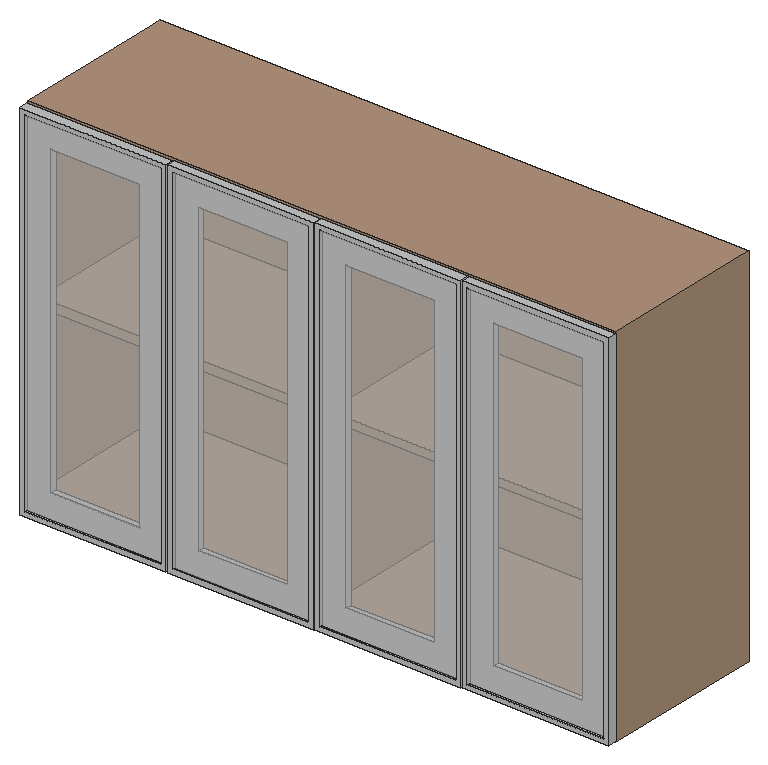
Revit family "Wall_Cabinets-Teknion-RHWSDG_Standard_Wall_Cabinet_with_Glass_Doors-R2018", category Furniture, Revit 2018
Family settings
  OmniClass Number = 23.40.20.00
  OmniClass Title = General Furniture and Specialties
  Work Plane-Based = No
  Always vertical = Yes
  Cut with Voids When Loaded = No
  Shared = Yes
  Room Calculation Point = No
Parameters (values of type "15" Depth")
  Width [instance] = 48.000"
  Warranty = "http://www.teknion.com/ca/papers/legal-canada"
  Unit Weight URL = "http://www.teknion.com/ca/tools/assets#&asset=bee6a381-b954-425e-8283-5a2de3a804f2,f828d448-4b62-4231-9e5f-9a8991c0ed77"
  URL = "www.teknion.com"
  Two Shelf One Divider [instance] = and(Two Shelf, Divider)  # no
  Two Shelf No Divider [instance] = and(Two Shelf, not(Divider))  # no
  Two Shelf [instance] = Height = 36.000"  # no
  Two Doors [instance] = or(Width = 24.000", Width = 27.000", Width = 30.000", Width = 33.000", Width = 36.000", Width = 42.000")  # no
  Top Height [instance] = if(Height = 36.000", 90.000", 84.000")  # 84.000"
  To render please download texture images found here [instance] = "https://assets.teknion.com/web/5e81352c1dfdb467/revit-material-swatches/"
  Sustainability Data = "https://www.teknion.com/ca/tools/assets#&topic=216f99a5-57a0-44fc-b10a-9dee9b29ae4c&asset=444deb64-fe58-4b68-981e-f75e97781df7,b4ff2d81-9f2e-437d-9659-7cffb09c31cf"
  Shelf and no Divider [instance] = and(Shelf, not(Divider))  # no
  Shelf and Divider [instance] = and(Shelf, Divider)  # no
  Shelf [instance] = not(or(One Shelf, Two Shelf))  # no
  Series = "Modular Cabinets"  # constant formula
  Quad Door Swing Arc Radius [instance] = 12.000"  # constant formula
  Product Page URL = "https://www.teknion.com/ca/products/product-details?productLineId=217e336e-8e7a-673b-a6c8-ff00004460c4"
  Product Line = "Modular Cabinets"  # constant formula
  Product Documentation Link = "https://www.teknion.com/pricing/modular-cabinets/pdfs/RHWSDG_ppg.pdf"
  Part Number = "RHWSDG"  # constant formula
  One Shelf One Divider [instance] = and(One Shelf, Divider)  # yes
  One Shelf No Divider [instance] = and(One Shelf, not(Divider))  # no
  One Shelf [instance] = or(Height = 24.000", Height = 30.000")  # yes
  One Door [instance] = or(Width = 12.000", Width = 15.000", Width = 18.000", Width = 21.000")  # no
  Model = "RHWSDG15_____"
  Manufacturer Phone = "416-661-3370"  # constant formula
  Manufacturer Fax = "416.661.4586"  # constant formula
  Manufacturer Contact Information = "http://www.teknion.com/ca/contactus"
  Manufacturer Address = "1150 Flint Road, Toronto, ON. M3J 2J5. Canada"  # constant formula
  Manufacturer = "Teknion"  # constant formula
  How To Use Teknion Materials User Guide [instance] = "https://assets.teknion.com/m/205dd0a49fa58060/original/How-to-add-a-Material-Library-and-Texture-Images-to-your-Revit-project.pdf"
  Height [instance] = 30.000"
  Glass Finish [instance] = Glass - Teknion - FT - Frosted Glass
  Frame Finish [instance] = Paint - Teknion - Mica - Platinum
  Four Doors [instance] = Width = 48.000"  # yes
  For Additional Finishes please visit [instance] = "https://assets.teknion.com/m/44a8009b046e5d47/original/Teknion_Materials_Library.zip"
  Double Door Swing Arc Radius [instance] = Width / 2  # 24.000"
  Divider [instance] = or(Width = 42.000", Width = 48.000")  # yes
  Description = "Standard Wall Cabinet with Glass Door, 15\" Depth"
  Depth = 15.000"
  Case Finish [instance] = Source Laminate - Teknion - 3M - Provincial Oak
  Available Widths [instance] = "12, 15, 18, 21, 24, 27, 30, 33, 36, 42, and 48 Inches"  # constant formula
  Available Heights [instance] = if(Width = 42.000", "30, or 36 Inches.", if(Width = 48.000", "30 Inches.", "15, 24, 30, and 36 Inches"))  # "30 Inches."
  Assembly Code = "E2020200"
Types (3): name | Width | Shelf and no Divider | Shelf | One Shelf One Divider | One Shelf | One Door | Model | Height | Four Doors | Double Door Swing Arc Radius | Divider | Description | Depth | Available Heights
  (no name) | 48.000" | no | no | yes | yes | no | "RHWSDG15_____" | 30.000" | yes | 24.000" | yes | "Standard Wall Cabinet with Glass Door, 15\" Depth" | 15.000" | "30 Inches."
  12" Depth | 12.000" | yes | yes | no | no | yes | "RHWSDG12_____" | 15.000" | no | 6.000" | no | "Standard Wall Cabinet with Glass Door, 12\" Depth" | 12.000" | "15, 24, 30, and 36 Inches"
  15" Depth | 48.000" | no | no | yes | yes | no | "RHWSDG15_____" | 30.000" | yes | 24.000" | yes | "Standard Wall Cabinet with Glass Door, 15\" Depth" | 15.000" | "30 Inches."
Reference planes (in)
  plane 1 "Center Front/Back": y = 0
  plane 2: z = 0
  plane 3 "Center Left/Right": x = 0
  plane 4 "Left": x = -24
  plane 5 "Right": x = 24
  plane 6 "Back": y = 7.5
  plane 7 "Front": y = -7.5
  plane 8 "Top": z = 84
  plane 9: y = -5.97244
  plane 10: z = 54
  plane 11: x = -12
  plane 12: x = 12
  plane 13: z = 55.70079
  plane 14: z = 69.85039
  plane 15: z = 74.56693
  plane 16: z = 65.13386
Forms (in)
  Sweep 1, solid, material "Source Laminate - Teknion - 3M - Provincial Oak" <- "Case Finish"
    path origin (0, 0, 0) x (1, 0, 0) y (0, 1, 0)
      loop
        line (0, -5.97244) -> (0, 7.5)
    profile origin (0, 0.76378, 0) x (-1, 0, 0) y (0, 0, 1)
      loop
        line (24, 84) -> (-24, 84) -> (-24, 54) -> (24, 54) -> (24, 84)
      loop
        line (23.29921, 83.29921) -> (-23.29921, 83.29921) -> (-23.29921, 55.70079) -> (23.29921, 55.70079) -> (23.29921, 83.29921)
  Sweep 2, void
    path origin (0, 0, 0) x (1, 0, 0) y (0, 0, 1)
      loop
        line (0, 54) -> (0, 54.96457)
    profile origin (0, 0, 54.48228) x (-1, 0, 0) y (0, -1, 0)
      loop
        line (23.29921, 1.97244) -> (-23.29921, 1.97244) -> (-23.29921, -6.799) -> (23.29921, -6.799) -> (23.29921, 1.97244)
  Sweep 3, solid, material "Source Laminate - Teknion - 3M - Provincial Oak" <- "Case Finish"
    path origin (0, 0, 0) x (1, 0, 0) y (0, 1, 0)
      loop
        line (0, 6.799) -> (0, 7.5)
    profile origin (0, 7.1495, 0) x (-1, 0, 0) y (0, 0, 1)
      loop
        line (24, 84) -> (-24, 84) -> (-24, 54) -> (24, 54) -> (24, 84)
  Sweep 4, solid, material "Source Laminate - Teknion - 3M - Provincial Oak" <- "Case Finish", visible <- "Divider"
    path origin (0, 0, 0) x (1, 0, 0) y (0, 1, 0)
      loop
        line (0, -5.97244) -> (0, 6.799)
    profile origin (0, 0.41328, 0) x (-1, 0, 0) y (0, 0, 1)
      loop
        line (0.35039, 83.29921) -> (-0.35039, 83.29921) -> (-0.35039, 55.70079) -> (0.35039, 55.70079) -> (0.35039, 83.29921)
  Sweep 5, solid, material "Source Laminate - Teknion - 3M - Provincial Oak" <- "Case Finish", visible <- "One Shelf No Divider"
    path origin (0, 0, 0) x (1, 0, 0) y (0, 1, 0)
      loop
        line (0, -5.73622) -> (0, 6.799)
    profile origin (0, 0.53139, 0) x (-1, 0, 0) y (0, 0, 1)
      loop
        line (23.29921, 69.14961) -> (23.29921, 69.85039) -> (-23.29921, 69.85039) -> (-23.29921, 69.14961) -> (23.29921, 69.14961)
  Sweep 6, solid, material "Source Laminate - Teknion - 3M - Provincial Oak" <- "Case Finish", visible <- "One Shelf One Divider"
    path origin (0, 0, 0) x (1, 0, 0) y (0, 1, 0)
      loop
        line (0, -5.73622) -> (0, 6.799)
    profile origin (0, 0.53139, 0) x (-1, 0, 0) y (0, 0, 1)
      loop
        line (23.29921, 69.85039) -> (0.35039, 69.85039) -> (0.35039, 69.14961) -> (23.29921, 69.14961) -> (23.29921, 69.85039)
      loop
        line (-0.35039, 69.85039) -> (-23.29921, 69.85039) -> (-23.29921, 69.14961) -> (-0.35039, 69.14961) -> (-0.35039, 69.85039)
  Sweep 7, solid, material "Source Laminate - Teknion - 3M - Provincial Oak" <- "Case Finish", visible <- "Two Shelf No Divider"
    path origin (0, 0, 0) x (1, 0, 0) y (0, 1, 0)
      loop
        line (0, -5.73622) -> (0, 6.799)
    profile origin (0, 0.53139, 0) x (-1, 0, 0) y (0, 0, 1)
      loop
        line (23.29921, 74.56693) -> (-23.29921, 74.56693) -> (-23.29921, 73.86614) -> (23.29921, 73.86614) -> (23.29921, 74.56693)
      loop
        line (23.29921, 65.13386) -> (-23.29921, 65.13386) -> (-23.29921, 64.43307) -> (23.29921, 64.43307) -> (23.29921, 65.13386)
  Sweep 8, solid, material "Source Laminate - Teknion - 3M - Provincial Oak" <- "Case Finish", visible <- "Two Shelf One Divider"
    path origin (0, 0, 0) x (1, 0, 0) y (0, 1, 0)
      loop
        line (0, -5.73622) -> (0, 6.799)
    profile origin (0, 0.53139, 0) x (-1, 0, 0) y (0, 0, 1)
      loop
        line (23.29921, 74.56693) -> (0.35039, 74.56693) -> (0.35039, 73.86614) -> (23.29921, 73.86614) -> (23.29921, 74.56693)
      loop
        line (-0.35039, 74.56693) -> (-23.29921, 74.56693) -> (-23.29921, 73.86614) -> (-0.35039, 73.86614) -> (-0.35039, 74.56693)
      loop
        line (23.29921, 65.13386) -> (0.35039, 65.13386) -> (0.35039, 64.43307) -> (23.29921, 64.43307) -> (23.29921, 65.13386)
      loop
        line (-0.35039, 65.13386) -> (-23.29921, 65.13386) -> (-23.29921, 64.43307) -> (-0.35039, 64.43307) -> (-0.35039, 65.13386)
  Sweep 9, solid, material "Paint - Teknion - Mica - Platinum" <- "Frame Finish", visible <- "One Door"
    path origin (0, 0, 0) x (1, 0, 0) y (0, 1, 0)
      loop
        line (0, -6.75197) -> (0, -6.05118)
    profile origin (0, -6.40157, 0) x (-1, 0, 0) y (0, 0, 1)
      loop
        line (24, 83.88189) -> (-24, 83.88189) -> (-24, 54.11811) -> (24, 54.11811) -> (24, 83.88189)
  Sweep 10, solid, material "Paint - Teknion - Mica - Platinum" <- "Frame Finish", visible <- "Two Doors"
    path origin (0, 0, 0) x (1, 0, 0) y (0, 1, 0)
      loop
        line (0, -6.75197) -> (0, -6.05118)
    profile origin (0, -6.40157, 0) x (-1, 0, 0) y (0, 0, 1)
      loop
        line (24, 83.88189) -> (0.05906, 83.88189) -> (0.05906, 54.11811) -> (24, 54.11811) -> (24, 83.88189)
      loop
        line (-0.05906, 54.11811) -> (-0.05906, 83.88189) -> (-24, 83.88189) -> (-24, 54.11811) -> (-0.05906, 54.11811)
  Sweep 11, solid, material "Paint - Teknion - Mica - Platinum" <- "Frame Finish", visible <- "Four Doors"
    path origin (0, 0, 0) x (1, 0, 0) y (0, 1, 0)
      loop
        line (0, -6.75197) -> (0, -6.05118)
    profile origin (0, -6.40157, 0) x (-1, 0, 0) y (0, 0, 1)
      loop
        line (24, 83.88189) -> (12.08858, 83.88189) -> (12.08858, 54.11811) -> (24, 54.11811) -> (24, 83.88189)
      loop
        line (0.05906, 54.11811) -> (11.97047, 54.11811) -> (11.97047, 83.88189) -> (0.05906, 83.88189) -> (0.05906, 54.11811)
      loop
        line (-0.05906, 54.11811) -> (-0.05906, 83.88189) -> (-11.97047, 83.88189) -> (-11.97047, 54.11811) -> (-0.05906, 54.11811)
      loop
        line (-24, 83.88189) -> (-24, 54.11811) -> (-12.08858, 54.11811) -> (-12.08858, 83.88189) -> (-24, 83.88189)
  Sweep 12, void
    path origin (0, 0, 0) x (1, 0, 0) y (0, 1, 0)
      loop
        line (0, -6.75197) -> (0, -6.51597)
    profile origin (0, -6.63397, 0) x (-1, 0, 0) y (0, 0, 1)
      loop
        line (23.626, 83.508) -> (-23.626, 83.508) -> (-23.626, 54.49211) -> (23.626, 54.49211) -> (23.626, 83.508)
  Sweep 13, void
    path origin (0, 0, 0) x (1, 0, 0) y (0, 1, 0)
      loop
        line (0, -6.51597) -> (0, -6.75197)
    profile origin (0, -6.63397, 0) x (1, 0, 0) y (0, 0, 1)
      loop
        line (-23.626, 83.508) -> (-23.626, 54.49211) -> (-0.43306, 54.49211) -> (-0.43306, 83.508) -> (-23.626, 83.508)
      loop
        line (23.626, 54.49211) -> (23.626, 83.508) -> (0.43306, 83.508) -> (0.43306, 54.49211) -> (23.626, 54.49211)
  Sweep 14, void
    path origin (0, 0, 0) x (1, 0, 0) y (0, 1, 0)
      loop
        line (0, -6.75197) -> (0, -6.51597)
    profile origin (0, -6.63397, 0) x (-1, 0, 0) y (0, 0, 1)
      loop
        line (23.626, 54.49211) -> (23.626, 83.508) -> (12.46258, 83.508) -> (12.46258, 54.49211) -> (23.626, 54.49211)
      loop
        line (0.43306, 83.508) -> (0.43306, 54.49211) -> (11.59647, 54.49211) -> (11.59647, 83.508) -> (0.43306, 83.508)
      loop
        line (-0.43306, 83.508) -> (-11.59647, 83.508) -> (-11.59647, 54.49211) -> (-0.43306, 54.49211) -> (-0.43306, 83.508)
      loop
        line (-23.626, 83.508) -> (-23.626, 54.49211) -> (-12.46258, 54.49211) -> (-12.46258, 83.508) -> (-23.626, 83.508)
  Sweep 15, void
    path origin (0, 0, 0) x (1, 0, 0) y (0, 1, 0)
      loop
        line (0, -6.51597) -> (0, -6.05118)
    profile origin (0, -6.28357, 0) x (-1, 0, 0) y (0, 0, 1)
      loop
        line (21.672, 81.554) -> (-21.672, 81.554) -> (-21.672, 56.44611) -> (21.672, 56.44611) -> (21.672, 81.554)
  Sweep 16, void
    path origin (0, 0, 0) x (1, 0, 0) y (0, 1, 0)
      loop
        line (0, -6.51597) -> (0, -6.05118)
    profile origin (0, -6.28357, 0) x (-1, 0, 0) y (0, 0, 1)
      loop
        line (21.672, 81.554) -> (2.38706, 81.554) -> (2.38706, 56.44611) -> (21.672, 56.44611) -> (21.672, 81.554)
      loop
        line (-2.38706, 81.554) -> (-21.672, 81.554) -> (-21.672, 56.44611) -> (-2.38706, 56.44611) -> (-2.38706, 81.554)
  Sweep 17, void
    path origin (0, 0, 0) x (1, 0, 0) y (0, 1, 0)
      loop
        line (0, -6.51597) -> (0, -6.05118)
    profile origin (0, -6.28357, 0) x (-1, 0, 0) y (0, 0, 1)
      loop
        line (21.672, 81.554) -> (14.41658, 81.554) -> (14.41658, 56.44611) -> (21.672, 56.44611) -> (21.672, 81.554)
      loop
        line (9.64247, 81.554) -> (2.38706, 81.554) -> (2.38706, 56.44611) -> (9.64247, 56.44611) -> (9.64247, 81.554)
      loop
        line (-2.38706, 81.554) -> (-9.64247, 81.554) -> (-9.64247, 56.44611) -> (-2.38706, 56.44611) -> (-2.38706, 81.554)
      loop
        line (-14.41658, 81.554) -> (-21.672, 81.554) -> (-21.672, 56.44611) -> (-14.41658, 56.44611) -> (-14.41658, 81.554)
  Sweep 18, solid, material "Glass - Teknion - FT - Frosted Glass" <- "Glass Finish", visible <- "One Door"
    path origin (0, 0, 0) x (1, 0, 0) y (0, 1, 0)
      loop
        line (0, -6.63397) -> (0, -6.51597)
    profile origin (0, -6.57497, 0) x (-1, 0, 0) y (0, 0, 1)
      loop
        line (23.626, 83.508) -> (-23.626, 83.508) -> (-23.626, 54.49211) -> (23.626, 54.49211) -> (23.626, 83.508)
  Sweep 19, solid, material "Glass - Teknion - FT - Frosted Glass" <- "Glass Finish", visible <- "Two Doors"
    path origin (0, 0, 0) x (1, 0, 0) y (0, 1, 0)
      loop
        line (0, -6.63397) -> (0, -6.51597)
    profile origin (0, -6.57497, 0) x (-1, 0, 0) y (0, 0, 1)
      loop
        line (23.626, 83.508) -> (0.43306, 83.508) -> (0.43306, 54.49211) -> (23.626, 54.49211) -> (23.626, 83.508)
      loop
        line (-0.43306, 83.508) -> (-23.626, 83.508) -> (-23.626, 54.49211) -> (-0.43306, 54.49211) -> (-0.43306, 83.508)
  Sweep 20, solid, material "Glass - Teknion - FT - Frosted Glass" <- "Glass Finish", visible <- "Four Doors"
    path origin (0, 0, 0) x (1, 0, 0) y (0, 1, 0)
      loop
        line (0, -6.63397) -> (0, -6.51597)
    profile origin (0, -6.57497, 0) x (-1, 0, 0) y (0, 0, 1)
      loop
        line (23.626, 83.508) -> (12.46258, 83.508) -> (12.46258, 54.49211) -> (23.626, 54.49211) -> (23.626, 83.508)
      loop
        line (11.59647, 83.508) -> (0.43306, 83.508) -> (0.43306, 54.49211) -> (11.59647, 54.49211) -> (11.59647, 83.508)
      loop
        line (-0.43306, 83.508) -> (-11.59647, 83.508) -> (-11.59647, 54.49211) -> (-0.43306, 54.49211) -> (-0.43306, 83.508)
      loop
        line (-12.46258, 83.508) -> (-23.626, 83.508) -> (-23.626, 54.49211) -> (-12.46258, 54.49211) -> (-12.46258, 83.508)
Cuts and joins
  Sweep 2 cuts Sweep 1
  joined: Sweep 1, Sweep 3
  Sweep 12, Sweep 15 cuts Sweep 9
  Sweep 13, Sweep 16 cuts Sweep 10
  Sweep 14, Sweep 17 cuts Sweep 11
Lines and regions (in)
  Masking region 1
    outline origin (0, 0, 0) x (1, 0, 0) y (0, 1, 0)
      loop
        line (-24, 7.5) -> (-24, -5.97244) -> (24, -5.97244) -> (24, 7.5) -> (-24, 7.5)
  Masking region 2, visible <- "One Door"
    outline origin (0, 0, 0) x (1, 0, 0) y (0, 1, 0)
      loop
        line (-24, -6.05118) -> (-24, -6.75197) -> (24, -6.75197) -> (24, -6.05118) -> (-24, -6.05118)
  Masking region 3, visible <- "Two Doors"
    outline origin (0, 0, 0) x (1, 0, 0) y (0, 1, 0)
      loop
        line (-24, -6.05118) -> (-24, -6.75197) -> (-0.05906, -6.75197) -> (-0.05906, -6.05118) -> (-24, -6.05118)
      loop
        line (0.05906, -6.05118) -> (0.05906, -6.75197) -> (24, -6.75197) -> (24, -6.05118) -> (0.05906, -6.05118)
  Masking region 4, visible <- "Four Doors"
    outline origin (0, 0, 0) x (1, 0, 0) y (0, 1, 0)
      loop
        line (-24, -6.75197) -> (-12.08858, -6.75197) -> (-12.08858, -6.05118) -> (-24, -6.05118) -> (-24, -6.75197)
      loop
        line (-11.97047, -6.75197) -> (-0.05906, -6.75197) -> (-0.05906, -6.05118) -> (-11.97047, -6.05118) -> (-11.97047, -6.75197)
      loop
        line (0.05906, -6.75197) -> (11.97047, -6.75197) -> (11.97047, -6.05118) -> (0.05906, -6.05118) -> (0.05906, -6.75197)
      loop
        line (12.08858, -6.75197) -> (24, -6.75197) -> (24, -6.05118) -> (12.08858, -6.05118) -> (12.08858, -6.75197)
  reference lines
    curve 1: line (24, 7.5, 0) -> (24, -7.5, 0)
    curve 2: line (-24, 7.5, 0) -> (24, 7.5, 0)
    curve 3: line (-24, 7.5, 0) -> (-24, -7.5, 0)
    curve 55: line (-24, -6.75197, 0) -> (24, -6.75197, 0)
    curve 56: line (24, -5.97244, 0) -> (-24, -5.97244, 0)
  symbolic lines, style "FurnitureHiddenLines", detail levels medium+fine
    curve 4: line (-23.29921, 6.799, 0) -> (-23.29921, -5.97244, 0)
    curve 5: line (23.29921, 6.799, 0) -> (-23.29921, 6.799, 0)
    curve 6: line (23.29921, 6.799, 0) -> (23.29921, -5.97244, 0)
  symbolic lines, style "FurnitureHiddenLines", detail levels fine
    curve 7: line (-23.29921, -1.97244, 0) -> (23.29921, -1.97244, 0)
  symbolic lines, style "FurnitureHiddenLines", visible <- "Shelf and Divider", detail levels medium+fine
    curve 8: line (0.35039, -5.97244, 0) -> (0.35039, 6.799, 0)
    curve 9: line (-0.35039, 6.799, 0) -> (-0.35039, -5.97244, 0)
    curve 10: line (-0.35039, -5.73622, 0) -> (-23.29921, -5.73622, 0)
    curve 11: line (23.29921, -5.73622, 0) -> (0.35039, -5.73622, 0)
  symbolic lines, style "FurnitureHiddenLines", visible <- "Shelf and no Divider", detail levels medium+fine
    curve 12: line (23.29921, -5.73622, 0) -> (-23.29921, -5.73622, 0)
  symbolic lines, style "FurnitureHiddenLines", visible <- "One Door"
    curve 13: line (-24, -7.5, 83.88189) -> (24, -7.5, 69)
    curve 14: line (24, -7.5, 69) -> (-24, -7.5, 54.11811)
  symbolic lines, style "FurnitureHiddenLines", visible <- "Four Doors"
    curve 15: line (-12.02953, -7.5, 83.91849) -> (-24, -7.5, 69)
    curve 16: line (-24, -7.5, 69) -> (-12.02953, -7.5, 54.08151)
    curve 17: line (-12.02953, -7.5, 54.08151) -> (-0.05906, -7.5, 69)
    curve 18: line (-0.05906, -7.5, 69) -> (-12.02953, -7.5, 83.91849)
    curve 19: line (12.02953, -7.5, 83.91849) -> (0.05906, -7.5, 69)
    curve 20: line (0.05906, -7.5, 69) -> (12.02953, -7.5, 54.08151)
    curve 21: line (12.02953, -7.5, 83.91849) -> (24, -7.5, 69)
    curve 22: line (24, -7.5, 69) -> (12.02953, -7.5, 54.08151)
  symbolic lines, style "FurnitureHiddenLines", visible <- "Two Doors"
    curve 23: line (0, -7.5, 83.9001) -> (-24, -7.5, 69)
    curve 24: line (-24, -7.5, 69) -> (0, -7.5, 54.0999)
    curve 25: line (0, -7.5, 54.0999) -> (24, -7.5, 69)
    curve 26: line (24, -7.5, 69) -> (0, -7.5, 83.9001)
  symbolic lines, style "FurnitureHiddenLines", visible <- "Four Doors", detail levels medium+fine
    curve 27: line (-23.626, -6.63397, 0) -> (-12.46258, -6.63397, 0)
    curve 28: line (-12.46258, -6.63397, 0) -> (-12.46258, -6.51597, 0)
    curve 29: line (-12.46258, -6.51597, 0) -> (-23.626, -6.51597, 0)
    curve 30: line (-23.626, -6.51597, 0) -> (-23.626, -6.63397, 0)
    curve 31: line (-11.59647, -6.63397, 0) -> (-0.43306, -6.63397, 0)
    curve 32: line (-0.43306, -6.63397, 0) -> (-0.43306, -6.51597, 0)
    curve 33: line (-0.43306, -6.51597, 0) -> (-11.59647, -6.51597, 0)
    curve 34: line (-11.59647, -6.51597, 0) -> (-11.59647, -6.63397, 0)
    curve 35: line (0.43306, -6.63397, 0) -> (11.59647, -6.63397, 0)
    curve 36: line (11.59647, -6.63397, 0) -> (11.59647, -6.51597, 0)
    curve 37: line (11.59647, -6.51597, 0) -> (0.43306, -6.51597, 0)
    curve 38: line (0.43306, -6.51597, 0) -> (0.43306, -6.63397, 0)
    curve 39: line (12.46258, -6.63397, 0) -> (23.626, -6.63397, 0)
    curve 40: line (23.626, -6.63397, 0) -> (23.626, -6.51597, 0)
    curve 41: line (23.626, -6.51597, 0) -> (12.46258, -6.51597, 0)
    curve 42: line (12.46258, -6.51597, 0) -> (12.46258, -6.63397, 0)
  symbolic lines, style "FurnitureHiddenLines", visible <- "Two Doors", detail levels medium+fine
    curve 43: line (-23.626, -6.63397, 0) -> (-0.43306, -6.63397, 0)
    curve 44: line (-0.43306, -6.63397, 0) -> (-0.43306, -6.51597, 0)
    curve 45: line (-0.43306, -6.51597, 0) -> (-23.626, -6.51597, 0)
    curve 46: line (-23.626, -6.51597, 0) -> (-23.626, -6.63397, 0)
    curve 47: line (0.43306, -6.63397, 0) -> (23.626, -6.63397, 0)
    curve 48: line (23.626, -6.63397, 0) -> (23.626, -6.51597, 0)
    curve 49: line (23.626, -6.51597, 0) -> (0.43306, -6.51597, 0)
    curve 50: line (0.43306, -6.51597, 0) -> (0.43306, -6.63397, 0)
  symbolic lines, style "FurnitureHiddenLines", visible <- "One Door", detail levels medium+fine
    curve 51: line (-23.626, -6.63397, 0) -> (23.626, -6.63397, 0)
    curve 52: line (23.626, -6.63397, 0) -> (23.626, -6.51597, 0)
    curve 53: line (23.626, -6.51597, 0) -> (-23.626, -6.51597, 0)
    curve 54: line (-23.626, -6.51597, 0) -> (-23.626, -6.63397, 0)
Dimensions and locks (in)
  "Width": plane 4 "Left" to plane 5 "Right"
  "Depth": plane 6 "Back" to plane 7 "Front"
  "Top Height": plane 8 "Top" to level
  equal spacing: plane 4 "Left", plane 3 "Center Left/Right", plane 5 "Right"
  equal spacing: plane 6 "Back", plane 1 "Center Front/Back", plane 7 "Front"
  locked: plane 7 "Front" to plane 9 at 1.52756
  "Height": plane 8 "Top" to plane 10
  locked: Sweep 1 sketch curve to plane 4 "Left" at 0.70079
  locked: plane 8 "Top" to Sweep 1 sketch curve at 0.70079
  locked: Sweep 1 sketch curve to plane 5 "Right" at 0.70079
  locked: Sweep 1 sketch curve to plane 10 at 1.70079
  locked: Sweep 2 sketch curve to plane 10 at 0.96457
  locked: plane 6 "Back" to Sweep 2 sketch curve at 0.701
  locked: plane 4 "Left" to Sweep 2 sketch curve at 0.70079
  locked: Sweep 2 sketch curve to plane 5 "Right" at 0.70079
  locked: plane 9 to Sweep 2 sketch curve at 4
  locked: Sweep 3 sketch curve to Sweep 3 sketch curve at 0.701
  locked: plane 6 "Back" to Sweep 4 sketch curve at 0.701
  Sweep 4 sketch curve to plane 3 "Center Left/Right" to Sweep 4 sketch curve = 0.35039" locked, 0.35039" locked
  locked: plane 8 "Top" to Sweep 4 sketch curve at 0.70079
  locked: Sweep 4 sketch curve to plane 10 at 1.70079
  equal spacing: plane 4 "Left", plane 11, plane 3 "Center Left/Right"
  equal spacing: plane 3 "Center Left/Right", plane 12, plane 5 "Right"
  locked: plane 6 "Back" to Sweep 5 sketch curve at 0.701
  locked: plane 7 "Front" to Sweep 5 sketch curve at 1.76378
  locked: plane 13 to plane 10 at 1.70079
  equal spacing: plane 8 "Top", plane 14, plane 13
  locked: plane 14 to Sweep 5 sketch curve at 0.70079
  locked: Sweep 5 sketch curve to plane 4 "Left" at 0.70079
  locked: Sweep 5 sketch curve to plane 5 "Right" at 0.70079
  locked: plane 6 "Back" to Sweep 6 sketch curve at 0.701
  locked: plane 7 "Front" to Sweep 6 sketch curve at 1.76378
  locked: plane 14 to Sweep 6 sketch curve at 0.70079  (x2)
  locked: Sweep 6 sketch curve to plane 4 "Left" at 0.70079
  Sweep 6 sketch curve to plane 3 "Center Left/Right" to Sweep 6 sketch curve = 0.35039" locked, 0.35039" locked
  locked: Sweep 6 sketch curve to plane 5 "Right" at 0.70079
  equal spacing: plane 8 "Top", plane 15, plane 16, plane 13
  locked: plane 6 "Back" to Sweep 7 sketch curve at 0.701
  locked: plane 7 "Front" to Sweep 7 sketch curve at 1.76378
  locked: Sweep 7 sketch curve to plane 4 "Left" at 0.70079  (x2)
  locked: Sweep 7 sketch curve to plane 5 "Right" at 0.70079  (x2)
  locked: plane 15 to Sweep 7 sketch curve at 0.70079
  locked: plane 16 to Sweep 7 sketch curve at 0.70079
  locked: plane 6 "Back" to Sweep 8 sketch curve at 0.701
  locked: plane 7 "Front" to Sweep 8 sketch curve at 1.76378
  Sweep 8 sketch curve to Sweep 8 sketch curve to plane 4 "Left" = 0.000" locked, 0.70079" locked
  Sweep 8 sketch curve to Sweep 8 sketch curve to plane 3 "Center Left/Right" to Sweep 8 sketch curve to Sweep 8 sketch curve = 0.000" locked, 0.35039" locked, 0.35039" locked, 0.000" locked
  Sweep 8 sketch curve to Sweep 8 sketch curve to plane 5 "Right" = 0.000" locked, 0.70079" locked
  locked: plane 15 to Sweep 8 sketch curve at 0.70079  (x2)
  locked: plane 16 to Sweep 8 sketch curve at 0.70079  (x2)
  Sweep 9 sketch curve to Sweep 9 sketch curve to plane 9 = 0.70079" locked, 0.07874" locked
  locked: Sweep 9 sketch curve to plane 10 at 0.11811
  locked: plane 8 "Top" to Sweep 9 sketch curve at 0.11811
  plane 9 to Sweep 10 sketch curve to Sweep 10 sketch curve = 0.07874" locked, 0.70079" locked
  Sweep 10 sketch curve to Sweep 10 sketch curve to plane 10 = 0.000" locked, 0.11811" locked
  plane 8 "Top" to Sweep 10 sketch curve to Sweep 10 sketch curve = 0.11811" locked, 0.000" locked
  Sweep 10 sketch curve to plane 3 "Center Left/Right" to Sweep 10 sketch curve = 0.05906" locked, 0.05906" locked
  Sweep 11 sketch curve to Sweep 11 sketch curve to plane 9 = 0.70079" locked, 0.07874" locked
  plane 8 "Top" to Sweep 11 sketch curve to Sweep 11 sketch curve to Sweep 11 sketch curve to Sweep 11 sketch curve = 0.11811" locked, 0.000" locked, 0.000" locked, 0.000" locked
  Sweep 11 sketch curve to Sweep 11 sketch curve to Sweep 11 sketch curve to Sweep 11 sketch curve to plane 10 = 0.000" locked, 0.000" locked, 0.000" locked, 0.11811" locked
  Sweep 11 sketch curve to Sweep 11 sketch curve to Sweep 11 sketch curve to Sweep 11 sketch curve to plane 3 "Center Left/Right" to Sweep 11 sketch curve to Sweep 11 sketch curve to Sweep 11 sketch curve to Sweep 11 sketch curve = 11.91142" locked, 0.11811" locked, 11.91142" locked, 0.05906" locked, 0.05906" locked, 11.91142" locked, 0.11811" locked, 11.91142" locked
  Masking region 2 sketch curve to Masking region 2 sketch curve to plane 9 = 0.70079" locked, 0.07874" locked
  Masking region 3 sketch curve to Masking region 3 sketch curve to Masking region 3 sketch curve to Masking region 3 sketch curve to plane 9 = 0.000" locked, 0.70079" locked, 0.000" locked, 0.07874" locked
  Masking region 4 sketch curve to Masking region 4 sketch curve to Masking region 4 sketch curve to Masking region 4 sketch curve to Masking region 4 sketch curve to Masking region 4 sketch curve to Masking region 4 sketch curve to Masking region 4 sketch curve to plane 9 = 0.000" locked, 0.000" locked, 0.000" locked, 0.70079" locked, 0.000" locked, 0.000" locked, 0.000" locked, 0.07874" locked
  Masking region 4 sketch curve to plane 11 to Masking region 4 sketch curve = 0.08858" locked, 0.02953" locked
  Masking region 4 sketch curve to plane 3 "Center Left/Right" to Masking region 4 sketch curve = 0.05906" locked, 0.05906" locked
  Masking region 4 sketch curve to plane 12 to Masking region 4 sketch curve = 0.02953" locked, 0.08858" locked
  Sweep 12 sketch curve to Sweep 12 sketch curve to plane 9 = 0.236" locked, 0.54353" locked
  locked: plane 8 "Top" to Sweep 12 sketch curve at 0.492
  locked: Sweep 12 sketch curve to plane 10 at 0.49211
  locked: Sweep 12 sketch curve to plane 4 "Left" at 0.374
  locked: Sweep 12 sketch curve to plane 5 "Right" at 0.374
  Sweep 13 sketch curve to Sweep 13 sketch curve to plane 9 = 0.236" locked, 0.54353" locked
  locked: Sweep 13 sketch curve to plane 4 "Left" at 0.374
  locked: Sweep 13 sketch curve to plane 5 "Right" at 0.374
  Sweep 13 sketch curve to Sweep 13 sketch curve to plane 10 = 0.000" locked, 0.49211" locked
  Sweep 13 sketch curve to plane 3 "Center Left/Right" to Sweep 13 sketch curve = 0.43306" locked, 0.43306" locked
  plane 8 "Top" to Sweep 13 sketch curve to Sweep 13 sketch curve = 0.492" locked, 0.000" locked
  Sweep 14 sketch curve to Sweep 14 sketch curve to plane 9 = 0.236" locked, 0.54353" locked
  locked: plane 8 "Top" to Sweep 14 sketch curve at 0.492  (x3)
  locked: Sweep 14 sketch curve to plane 10 at 0.49211  (x4)
  Sweep 14 sketch curve to Sweep 14 sketch curve to Sweep 14 sketch curve to Sweep 14 sketch curve to plane 3 "Center Left/Right" to Sweep 14 sketch curve to Sweep 14 sketch curve to Sweep 14 sketch curve to Sweep 14 sketch curve = 11.16342" locked, 0.86611" locked, 11.16342" locked, 0.43306" locked, 0.43306" locked, 11.16342" locked, 0.86611" locked, 11.16342" locked
  plane 9 to Sweep 15 sketch curve to Sweep 15 sketch curve = 0.07874" locked, 0.46479" locked
  locked: plane 8 "Top" to Sweep 15 sketch curve at 2.446
  locked: Sweep 15 sketch curve to plane 10 at 2.44611
  locked: Sweep 15 sketch curve to plane 4 "Left" at 2.328
  locked: Sweep 15 sketch curve to plane 5 "Right" at 2.328
  plane 9 to Sweep 16 sketch curve to Sweep 16 sketch curve = 0.07874" locked, 0.46479" locked
  plane 8 "Top" to Sweep 16 sketch curve to Sweep 16 sketch curve = 2.446" locked, 0.000" locked
  Sweep 16 sketch curve to Sweep 16 sketch curve to plane 10 = 0.000" locked, 2.44611" locked
  locked: Sweep 16 sketch curve to plane 4 "Left" at 2.328
  locked: Sweep 16 sketch curve to plane 5 "Right" at 2.328
  Sweep 16 sketch curve to plane 3 "Center Left/Right" to Sweep 16 sketch curve = 2.38706" locked, 2.38706" locked
  Sweep 17 sketch curve to Sweep 17 sketch curve to plane 9 = 0.46479" locked, 0.07874" locked
  Sweep 17 sketch curve to Sweep 17 sketch curve to Sweep 17 sketch curve to Sweep 17 sketch curve to plane 3 "Center Left/Right" to Sweep 17 sketch curve to Sweep 17 sketch curve to Sweep 17 sketch curve to Sweep 17 sketch curve = 7.25542" locked, 4.77411" locked, 7.25542" locked, 2.38706" locked, 2.38706" locked, 7.25542" locked, 4.77411" locked, 7.25542" locked
  plane 8 "Top" to Sweep 17 sketch curve to Sweep 17 sketch curve to Sweep 17 sketch curve to Sweep 17 sketch curve = 2.446" locked, 0.000" locked, 0.000" locked, 0.000" locked
  Sweep 17 sketch curve to Sweep 17 sketch curve to Sweep 17 sketch curve to Sweep 17 sketch curve to plane 10 = 0.000" locked, 0.000" locked, 0.000" locked, 2.44611" locked
  Sweep 18 sketch curve to Sweep 18 sketch curve to plane 9 = 0.118" locked, 0.54353" locked
  locked: plane 8 "Top" to Sweep 18 sketch curve at 0.492
  locked: Sweep 18 sketch curve to plane 10 at 0.49211
  locked: Sweep 18 sketch curve to plane 4 "Left" at 0.374
  locked: Sweep 18 sketch curve to plane 5 "Right" at 0.374
  Sweep 19 sketch curve to Sweep 19 sketch curve to plane 9 = 0.118" locked, 0.54353" locked
  plane 8 "Top" to Sweep 19 sketch curve to Sweep 19 sketch curve = 0.492" locked, 0.000" locked
  Sweep 19 sketch curve to Sweep 19 sketch curve to plane 10 = 0.000" locked, 0.49211" locked
  locked: Sweep 19 sketch curve to plane 5 "Right" at 0.374
  Sweep 19 sketch curve to plane 3 "Center Left/Right" to Sweep 19 sketch curve = 0.43306" locked, 0.43306" locked
  locked: Sweep 19 sketch curve to plane 4 "Left" at 0.374
  Sweep 20 sketch curve to Sweep 20 sketch curve to plane 9 = 0.118" locked, 0.54353" locked
  Sweep 20 sketch curve to Sweep 20 sketch curve to Sweep 20 sketch curve to Sweep 20 sketch curve to plane 3 "Center Left/Right" to Sweep 20 sketch curve to Sweep 20 sketch curve to Sweep 20 sketch curve to Sweep 20 sketch curve = 11.16342" locked, 0.86611" locked, 11.16342" locked, 0.43306" locked, 0.43306" locked, 11.16342" locked, 0.86611" locked, 11.16342" locked
  plane 8 "Top" to Sweep 20 sketch curve to Sweep 20 sketch curve to Sweep 20 sketch curve to Sweep 20 sketch curve = 0.492" locked, 0.000" locked, 0.000" locked, 0.000" locked
  Sweep 20 sketch curve to Sweep 20 sketch curve to Sweep 20 sketch curve to Sweep 20 sketch curve to plane 10 = 0.000" locked, 0.000" locked, 0.000" locked, 0.49211" locked
  curve 30 to curve 28 to curve 34 to curve 32 to plane 3 "Center Left/Right" to curve 38 to curve 36 to curve 42 to curve 40 = 11.16342" locked, 0.86611" locked, 11.16342" locked, 0.43306" locked, 0.43306" locked, 11.16342" locked, 0.86611" locked, 11.16342" locked
  curve 27 to curve 31 to curve 35 to curve 39 to curve 29 to curve 33 to curve 37 to curve 41 to plane 9 = 0.000" locked, 0.000" locked, 0.000" locked, 0.118" locked, 0.000" locked, 0.000" locked, 0.000" locked, 0.54353" locked
  locked: plane 4 "Left" to curve 46 at 0.374
  locked: curve 48 to plane 5 "Right" at 0.374
  locked: nested 1 to plane 9 at 0.07874
  locked: nested 2 to plane 9 at 0.07874
  locked: nested 6 to plane 3 "Center Left/Right" at 18
  locked: nested 5 to plane 3 "Center Left/Right" at 6
  locked: plane 3 "Center Left/Right" to nested 4 at 6
  locked: plane 3 "Center Left/Right" to nested 3 at 18
  locked: nested 3 to plane 9 at 0.07874
  locked: plane 9 to nested 4 at 0.07874
  locked: nested 5 to plane 9 at 0.07874
  locked: plane 9 to nested 6 at 0.07874
  locked: nested 7 to plane 9 at 0.07874
  aligned and locked: level to plane 2
  aligned and locked: plane 6 "Back" to Sweep 1 sketch curve
  aligned and locked: plane 3 "Center Left/Right" to Sweep 1 sketch curve
  aligned and locked: plane 4 "Left" to Sweep 1 sketch curve
  aligned and locked: Sweep 1 sketch curve to plane 8 "Top"
  aligned and locked: plane 5 "Right" to Sweep 1 sketch curve
  aligned and locked: plane 10 to Sweep 1 sketch curve
  aligned and locked: plane 9 to Sweep 1 sketch curve
  aligned and locked: plane 10 to Sweep 2 sketch curve
  aligned and locked: plane 3 "Center Left/Right" to Sweep 2 sketch curve
  aligned and locked: plane 6 "Back" to Sweep 3 sketch curve
  aligned and locked: plane 3 "Center Left/Right" to Sweep 3 sketch curve
  aligned and locked: plane 4 "Left" to Sweep 3 sketch curve
  aligned and locked: Sweep 3 sketch curve to plane 8 "Top"
  aligned and locked: plane 5 "Right" to Sweep 3 sketch curve
  aligned and locked: plane 10 to Sweep 3 sketch curve
  aligned and locked: plane 9 to Sweep 4 sketch curve
  aligned and locked: plane 3 "Center Left/Right" to Sweep 4 sketch curve
  aligned and locked: plane 3 "Center Left/Right" to Sweep 5 sketch curve
  aligned and locked: Sweep 5 sketch curve to plane 14
  aligned and locked: plane 3 "Center Left/Right" to Sweep 6 sketch curve
  aligned and locked: plane 14 to Sweep 6 sketch curve
  aligned and locked: plane 3 "Center Left/Right" to Sweep 7 sketch curve
  aligned and locked: Sweep 7 sketch curve to plane 15
  aligned and locked: Sweep 7 sketch curve to plane 16
  aligned and locked: plane 3 "Center Left/Right" to Sweep 8 sketch curve
  aligned and locked: Sweep 8 sketch curve to plane 15  (x2)
  aligned and locked: Sweep 8 sketch curve to plane 16  (x2)
  aligned and locked: plane 3 "Center Left/Right" to Sweep 9 sketch curve
  aligned and locked: plane 4 "Left" to Sweep 9 sketch curve
  aligned and locked: plane 5 "Right" to Sweep 9 sketch curve
  aligned and locked: plane 3 "Center Left/Right" to Sweep 10 sketch curve
  aligned and locked: plane 4 "Left" to Sweep 10 sketch curve
  aligned and locked: Sweep 10 sketch curve to plane 5 "Right"
  aligned and locked: plane 3 "Center Left/Right" to Sweep 11 sketch curve
  aligned and locked: plane 3 "Center Left/Right" to Sweep 12 sketch curve
  aligned and locked: plane 5 "Right" to curve 1
  aligned and locked: curve 2 to plane 6 "Back"
  aligned and locked: curve 3 to plane 4 "Left"
  aligned and locked: Masking region 1 sketch curve to plane 6 "Back"
  aligned and locked: plane 4 "Left" to Masking region 1 sketch curve
  aligned and locked: plane 5 "Right" to Masking region 1 sketch curve
  aligned and locked: Masking region 1 sketch curve to plane 9
  aligned and locked: plane 5 "Right" to Masking region 2 sketch curve
  aligned and locked: plane 4 "Left" to Masking region 2 sketch curve
  aligned and locked: plane 5 "Right" to Masking region 3 sketch curve
  aligned and locked: plane 4 "Left" to Masking region 3 sketch curve
  aligned and locked: Masking region 4 sketch curve to plane 4 "Left"
  aligned and locked: Masking region 4 sketch curve to plane 5 "Right"
  aligned and locked: curve 4 to Sweep 8
  aligned and locked: curve 5 to Sweep 7
  aligned and locked: curve 6 to cut or joined group of Sweep 1, Sweep 2, Sweep 3
  aligned and locked: curve 7 to cut or joined group of Sweep 1, Sweep 2, Sweep 3
  aligned and locked: curve 8 to Sweep 4
  aligned and locked: curve 9 to Sweep 4
  aligned and locked: Sweep 8 to curve 10
  aligned and locked: curve 11 to Sweep 8
  aligned and locked: curve 12 to Sweep 7
  aligned and locked: Sweep 13 sketch curve to plane 3 "Center Left/Right"
  aligned and locked: plane 3 "Center Left/Right" to Sweep 14 sketch curve
  aligned and locked: plane 3 "Center Left/Right" to Sweep 15 sketch curve
  aligned and locked: plane 3 "Center Left/Right" to Sweep 16 sketch curve
  aligned and locked: plane 3 "Center Left/Right" to Sweep 17 sketch curve
  aligned and locked: plane 3 "Center Left/Right" to Sweep 18 sketch curve
  aligned and locked: plane 3 "Center Left/Right" to Sweep 19 sketch curve
  aligned and locked: plane 3 "Center Left/Right" to Sweep 20 sketch curve
  aligned and locked: nested 1 to plane 5 "Right"
  aligned and locked: nested 2 to plane 4 "Left"
  aligned and locked: nested 7 to plane 5 "Right"
  aligned and locked: curve 55 to Masking region 2
  aligned and locked: curve 56 to plane 9
Automatic sketch dimensions
  Sweep 6 sketch curve to Sweep 6 sketch curve = 0.70079"
  Masking region 3 sketch curve to plane 3 "Center Left/Right" = 0.05906"
  plane 3 "Center Left/Right" to Masking region 3 sketch curve = 0.05906"
  plane 5 "Right" to curve 26 = 0.000"
  curve 25 to plane 3 "Center Left/Right" = 0.000"
  curve 23 to plane 4 "Left" = 0.000"
  curve 14 to plane 4 "Left" = 0.000"
  curve 13 to plane 4 "Left" = 0.000"
  curve 19 to plane 12 = 0.02953"
  curve 22 to plane 12 = 0.02953"
  curve 19 to plane 3 "Center Left/Right" = 0.05906"
  plane 3 "Center Left/Right" to curve 17 = 0.05906"
  plane 11 to curve 17 = 0.02953"
  plane 11 to curve 18 = 0.02953"
  curve 22 to plane 10 = 0.08151"
  curve 17 to plane 10 = 0.08151"
  curve 24 to plane 10 = 0.0999"
  curve 15 to plane 14 = 0.85039"
  curve 17 to plane 14 = 0.85039"
  curve 25 to plane 14 = 0.85039"
  curve 19 to curve 17 = 0.000"
  plane 8 "Top" to curve 18 = 0.08151"
  plane 8 "Top" to curve 19 = 0.08151"
  curve 26 to plane 3 "Center Left/Right" = 0.000"
  curve 14 to plane 10 = 0.11811"
  plane 8 "Top" to curve 13 = 0.11811"
  plane 8 "Top" to curve 26 = 0.0999"
  Sweep 14 sketch curve to Sweep 14 sketch curve = 0.000"
  plane 9 to curve 8 = 0.000"
  plane 9 to curve 6 = 0.000"
  plane 9 to curve 4 = 0.000"
  plane 9 to curve 9 = 0.000"
  plane 7 "Front" to curve 1 = 0.000"
  curve 3 to plane 7 "Front" = 0.000"
  curve 3 to curve 55 = 0.74803"
Nested families (in)
  nested 1: "Door-Swing_Symbol-Teknion-2D" at (12, -6.05118, 0), Swing Width <- "Double Door Swing Arc Radius", visible <- "Two Doors", type "Standard", detail levels fine
    with Swing Width 24.000", Door Thickness 0.701"
  nested 2: "Door-Swing_Symbol-Teknion-2D" at (-12, -6.05118, 0) x (-1, 0, 0) z (0, 0, 1), Swing Width <- "Double Door Swing Arc Radius", visible <- "Two Doors", type "Standard", detail levels fine
    with Swing Width 24.000", Door Thickness 0.701"
  nested 3: "Door-Swing_Symbol-Teknion-2D" at (18, -6.05118, 0), Swing Width <- "Quad Door Swing Arc Radius", visible <- "Four Doors", type "Standard", detail levels fine
    with Swing Width 12.000", Door Thickness 0.701"
  nested 4: "Door-Swing_Symbol-Teknion-2D" at (6, -6.05118, 0) x (-1, 0, 0) z (0, 0, 1), Swing Width <- "Quad Door Swing Arc Radius", visible <- "Four Doors", type "Standard", detail levels fine
    with Swing Width 12.000", Door Thickness 0.701"
  nested 5: "Door-Swing_Symbol-Teknion-2D" at (-6, -6.05118, 0), Swing Width <- "Quad Door Swing Arc Radius", visible <- "Four Doors", type "Standard", detail levels fine
    with Swing Width 12.000", Door Thickness 0.701"
  nested 6: "Door-Swing_Symbol-Teknion-2D" at (-18, -6.05118, 0) x (-1, 0, 0) z (0, 0, 1), Swing Width <- "Quad Door Swing Arc Radius", visible <- "Four Doors", type "Standard", detail levels fine
    with Swing Width 12.000", Door Thickness 0.701"
  nested 7: "Door-Swing_Symbol-Teknion-2D" at (0, -6.05118, 0), Swing Width <- "Width", visible <- "One Door", type "Standard", detail levels fine
    with Swing Width 48.000", Door Thickness 0.701"
Definition of nested family "Door-Swing_Symbol-Teknion-2D"
  Parameters (values of type "Standard")
    Swing Width [instance] = 26.000"
    Door Thickness [instance] = 2.000"
    Assembly Code = ""
  Reference planes (in)
    plane 1 "Center (Front/Back)": y = 0
    plane 2: z = 0
    plane 3 "Center (Left/Right)": x = 0
    plane 4: x = -13
    plane 5: x = 13
  Lines and regions (in)
    Masking region 1, in view "Ref. Level"
      outline origin (0, 0, 0) x (1, 0, 0) y (0, 1, 0)
        loop
          line (11, 0) -> (11, -26) -> (13, -26) -> (13, 0) -> (11, 0)
    detail lines, in view "Ref. Level"
      curve 1: line (13, 0, 0) -> (13, -26, 0)
      curve 2: arc (-13, 0, 0) -> (-5.38478, -18.38478, 0) -> (13, -26, 0) r 26
  Dimensions and locks (in)
    equal spacing: plane 4, plane 3 "Center (Left/Right)", plane 5
    "Swing Width": plane 4 to plane 5
    "Swing Width": curve 1 to plane 1 "Center (Front/Back)"
    "Swing Width": Masking region 1 sketch curve to Masking region 1 sketch curve
    "Door Thickness": Masking region 1 sketch curve to Masking region 1 sketch curve
    "Swing Width": radius of curve 2
    aligned and locked: plane 1 "Center (Front/Back)" to curve 1
    aligned and locked: plane 1 "Center (Front/Back)" to Masking region 1 sketch curve
    aligned and locked: Masking region 1 sketch curve to plane 5
  Automatic sketch dimensions
    curve 2 to plane 4 = 0.000"
